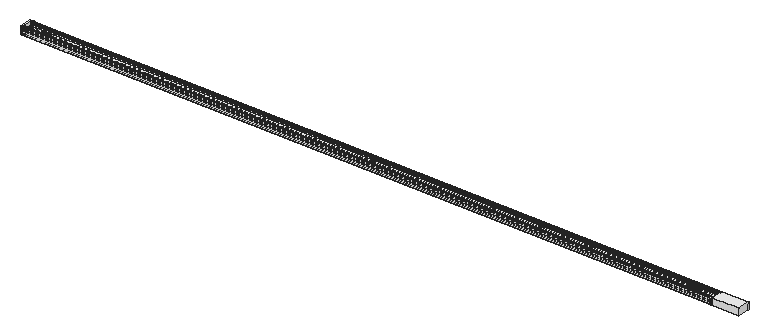
Revit family "SD1020BR_SD1020PTO", category Luminárias, Revit 2023
Family settings
  Hospedeiro = Forro
  Cota do conector redondo = Utilizar diâmetro
  Tipo de parte = Normal
  Número OmniClass = 23.80.70.11
  Título OmniClass = Luminaries for Internal Lighting
  Sempre na vertical = Sim
  Corte com vazios quando carregada = Não
  Fonte luminosa = Não
  Manter orientação da anotação = Não
  Compartilhado = Não
  Ponto de cálculo do ambiente = Não
Parameters (values of type "SD1020BR - BRANCO - 2m")
  URL = "https://stella.com.br/"
  Tensão Elétrica = "127V-220V"
  Referência = "SD1020BR"
  Potência máxima = 1000 W
  Modelo = "Trilho ECO de Sobrepor\r\n\r\nTrilho ECO de Sobrepor\r\nTrace - Trilho de Sobrepor 1m"
  Largura = 0.035 m
  Grau de proteção (IP) = "IP20"
  Fabricante = "Stella"
  Estrutura = Al - Branco
  Elevação padrão = 0.00 m
  Comprimento = 2.00 m
  Altura = 0.021 m
Types (3, lengths in m): name | Referência | Estrutura
  (no name) | "SD1020BR" | Al - Branco
  SD1020BR - BRANCO - 2m | "SD1020BR" | Al - Branco
  SD1020PTO - PRETO - 2m | "SD1020PTO" | Al - Preto
Reference planes (m)
  plane 1 "Eixo de origem da luz (F/T)": y = 0
  plane 2 "Forro": z = 2.5
  plane 3 "Eixo de origem da luz (E/D)": x = 0
  plane 4 "Elevação da origem da luz": z = 2.479
  plane 5: y = 0.0175
  plane 6: y = -0.0175
  plane 7: x = -1
  plane 8: x = 1
  plane 9 "Inferior": z = 2.479
  plane 10 "Superior": z = 2.5
Forms (m)
  Extrusion 1, solid, material "Al - Branco" <- "Estrutura"
    sketch origin (0, 0, 0) x (0, 1, 0) y (0, 0, 1)
      loop
        line (0.012852, 2.4988) -> (0.0162, 2.4988) -> (0.0162, 2.4936) -> (0.0114, 2.4936)
        arc (0.0114, 2.4936) -> (0.01, 2.494805) -> (0.0086, 2.4936) r 0.001416
        line (0.0086, 2.4936) -> (-0.0086, 2.4936)
        arc (-0.0086, 2.4936) -> (-0.01, 2.494805) -> (-0.0114, 2.4936) r 0.001416
        line (-0.0114, 2.4936) -> (-0.0162, 2.4936) -> (-0.0162, 2.4988) -> (-0.012852, 2.4988)
        spline (-0.012852, 2.4988) -> (-0.012795, 2.498814) -> (-0.012742, 2.498854) -> (-0.012697, 2.498917) -> (-0.012662, 2.499) -> (-0.01264, 2.499096) -> (-0.012633, 2.4992) -> (-0.01264, 2.499304) -> (-0.012662, 2.4994) -> (-0.012697, 2.499483) -> (-0.012742, 2.499546) -> (-0.012795, 2.499586) -> (-0.012852, 2.4996)
        line (-0.012852, 2.4996) -> (-0.0162, 2.4996)
        spline (-0.0162, 2.4996) -> (-0.016214, 2.499704) -> (-0.016254, 2.4998) -> (-0.016317, 2.499883) -> (-0.0164, 2.499946) -> (-0.016496, 2.499986) -> (-0.0166, 2.5) -> (-0.016704, 2.499986) -> (-0.0168, 2.499946) -> (-0.016883, 2.499883) -> (-0.016946, 2.4998) -> (-0.016986, 2.499704) -> (-0.017, 2.4996)
        line (-0.017, 2.4996) -> (-0.017, 2.4805) -> (-0.0083, 2.4805)
        arc (-0.0083, 2.4805) -> (-0.007815, 2.480664) -> (-0.007529, 2.481088) r 0.0008
        line (-0.007529, 2.481088) -> (-0.007529, 2.481912)
        arc (-0.007529, 2.481912) -> (-0.007815, 2.482336) -> (-0.0083, 2.4825) r 0.0008
        line (-0.0083, 2.4825) -> (-0.0094, 2.4825)
        arc (-0.0094, 2.4825) -> (-0.009824, 2.482324) -> (-0.01, 2.4819) r 0.0006
        arc (-0.01, 2.4819) -> (-0.010176, 2.481476) -> (-0.0106, 2.4813) r 0.0006
        line (-0.0106, 2.4813) -> (-0.0135, 2.4813) -> (-0.0135, 2.48285)
        spline (-0.0135, 2.48285) -> (-0.013514, 2.482937) -> (-0.013554, 2.483018) -> (-0.013617, 2.483087) -> (-0.0137, 2.483141) -> (-0.013796, 2.483174) -> (-0.0139, 2.483186) -> (-0.014004, 2.483174) -> (-0.0141, 2.483141) -> (-0.014183, 2.483087) -> (-0.014246, 2.483018) -> (-0.014286, 2.482937) -> (-0.0143, 2.48285)
        line (-0.0143, 2.48285) -> (-0.0143, 2.4813) -> (-0.015611, 2.4813)
        arc (-0.015611, 2.4813) -> (-0.016027, 2.481473) -> (-0.0162, 2.481889) r 0.000589
        line (-0.0162, 2.481889) -> (-0.0162, 2.492214)
        arc (-0.0162, 2.492214) -> (-0.016059, 2.492595) -> (-0.015705, 2.492793) r 0.000586
        line (-0.015705, 2.492793) -> (-0.014795, 2.492793)
        arc (-0.014795, 2.492793) -> (-0.014441, 2.492595) -> (-0.0143, 2.492214) r 0.000586
        line (-0.0143, 2.492214) -> (-0.0143, 2.491289)
        spline (-0.0143, 2.491289) -> (-0.014286, 2.491195) -> (-0.014246, 2.491108) -> (-0.014183, 2.491033) -> (-0.0141, 2.490975) -> (-0.014004, 2.490939) -> (-0.0139, 2.490926) -> (-0.013796, 2.490939) -> (-0.0137, 2.490975) -> (-0.013617, 2.491033) -> (-0.013554, 2.491108) -> (-0.013514, 2.491195) -> (-0.0135, 2.491289)
        line (-0.0135, 2.491289) -> (-0.0135, 2.492214)
        arc (-0.0135, 2.492214) -> (-0.013328, 2.492628) -> (-0.012914, 2.4928) r 0.000586
        line (-0.012914, 2.4928) -> (0.012914, 2.4928)
        arc (0.012914, 2.4928) -> (0.013328, 2.492628) -> (0.0135, 2.492214) r 0.000586
        line (0.0135, 2.492214) -> (0.0135, 2.491289)
        spline (0.0135, 2.491289) -> (0.013514, 2.491195) -> (0.013554, 2.491108) -> (0.013617, 2.491033) -> (0.0137, 2.490975) -> (0.013796, 2.490939) -> (0.0139, 2.490926) -> (0.014004, 2.490939) -> (0.0141, 2.490975) -> (0.014183, 2.491033) -> (0.014246, 2.491108) -> (0.014286, 2.491195) -> (0.0143, 2.491289)
        line (0.0143, 2.491289) -> (0.0143, 2.492214)
        arc (0.0143, 2.492214) -> (0.014441, 2.492595) -> (0.014795, 2.492793) r 0.000586
        line (0.014795, 2.492793) -> (0.015705, 2.492793)
        arc (0.015705, 2.492793) -> (0.016059, 2.492595) -> (0.0162, 2.492214) r 0.000586
        line (0.0162, 2.492214) -> (0.0162, 2.481889)
        arc (0.0162, 2.481889) -> (0.016027, 2.481473) -> (0.015611, 2.4813) r 0.000589
        line (0.015611, 2.4813) -> (0.0143, 2.4813) -> (0.0143, 2.48285)
        spline (0.0143, 2.48285) -> (0.014286, 2.482937) -> (0.014246, 2.483018) -> (0.014183, 2.483087) -> (0.0141, 2.483141) -> (0.014004, 2.483174) -> (0.0139, 2.483186) -> (0.013796, 2.483174) -> (0.0137, 2.483141) -> (0.013617, 2.483087) -> (0.013554, 2.483018) -> (0.013514, 2.482937) -> (0.0135, 2.48285)
        line (0.0135, 2.48285) -> (0.0135, 2.4813) -> (0.0106, 2.4813)
        arc (0.0106, 2.4813) -> (0.010176, 2.481476) -> (0.01, 2.4819) r 0.0006
        arc (0.01, 2.4819) -> (0.009824, 2.482324) -> (0.0094, 2.4825) r 0.0006
        line (0.0094, 2.4825) -> (0.0083, 2.4825)
        arc (0.0083, 2.4825) -> (0.007815, 2.482336) -> (0.007529, 2.481912) r 0.0008
        line (0.007529, 2.481912) -> (0.007529, 2.481088)
        arc (0.007529, 2.481088) -> (0.007815, 2.480664) -> (0.0083, 2.4805) r 0.0008
        line (0.0083, 2.4805) -> (0.013227, 2.4805)
        arc (0.013227, 2.4805) -> (0.013632, 2.480332) -> (0.0138, 2.479927) r 0.000573
        line (0.0138, 2.479927) -> (0.0138, 2.479) -> (0.0162, 2.479)
        arc (0.0162, 2.479) -> (0.016766, 2.479234) -> (0.017, 2.4798) r 0.0008
        line (0.017, 2.4798) -> (0.017, 2.4996)
        spline (0.017, 2.4996) -> (0.016986, 2.499704) -> (0.016946, 2.4998) -> (0.016883, 2.499883) -> (0.0168, 2.499946) -> (0.016704, 2.499986) -> (0.0166, 2.5) -> (0.016496, 2.499986) -> (0.0164, 2.499946) -> (0.016317, 2.499883) -> (0.016254, 2.4998) -> (0.016214, 2.499704) -> (0.0162, 2.4996)
        line (0.0162, 2.4996) -> (0.012852, 2.4996)
        spline (0.012852, 2.4996) -> (0.012795, 2.499586) -> (0.012742, 2.499546) -> (0.012697, 2.499483) -> (0.012662, 2.4994) -> (0.01264, 2.499304) -> (0.012633, 2.4992) -> (0.01264, 2.499096) -> (0.012662, 2.499) -> (0.012697, 2.498917) -> (0.012742, 2.498854) -> (0.012795, 2.498814) -> (0.012852, 2.4988)
      loop
        circle (-0.009634, 2.487) r 0.001
      loop
        circle (0.009634, 2.487) r 0.001
    from -0.9945 to 0.9255
  Extrusion 2, solid, material "Al - Branco" <- "Estrutura"
    sketch origin (0, 0, 0) x (0, 1, 0) y (0, 0, 1)
      loop
        line (0.013671, 2.4893) -> (0.0085, 2.4893)
        arc (0.0085, 2.4893) -> (0.007991, 2.48865) -> (0.0085, 2.488) r 0.000669
        line (0.0085, 2.488) -> (0.009865, 2.488)
        spline (0.009865, 2.488) -> (0.010106, 2.487966) -> (0.01033, 2.487866) -> (0.010523, 2.487707) -> (0.010671, 2.4875) -> (0.010763, 2.487259) -> (0.010795, 2.487) -> (0.010763, 2.486741) -> (0.010671, 2.4865) -> (0.010523, 2.486293) -> (0.01033, 2.486134) -> (0.010106, 2.486034) -> (0.009865, 2.486)
        line (0.009865, 2.486) -> (0.0085, 2.486)
        arc (0.0085, 2.486) -> (0.007991, 2.48535) -> (0.0085, 2.4847) r 0.000669
        line (0.0085, 2.4847) -> (0.013671, 2.4847)
        arc (0.013671, 2.4847) -> (0.014166, 2.484495) -> (0.014371, 2.484) r 0.0007
        line (0.014371, 2.484) -> (0.014371, 2.482452)
        spline (0.014371, 2.482452) -> (0.014391, 2.482322) -> (0.014451, 2.482201) -> (0.014546, 2.482097) -> (0.014671, 2.482017) -> (0.014815, 2.481967) -> (0.014971, 2.48195) -> (0.015126, 2.481967) -> (0.015271, 2.482017) -> (0.015395, 2.482097) -> (0.01549, 2.482201) -> (0.01555, 2.482322) -> (0.015571, 2.482452)
        line (0.015571, 2.482452) -> (0.015571, 2.485276)
        arc (0.015571, 2.485276) -> (0.015307, 2.485912) -> (0.014671, 2.486176) r 0.0009
        line (0.014671, 2.486176) -> (0.013147, 2.486176)
        spline (0.013147, 2.486176) -> (0.012968, 2.486207) -> (0.012801, 2.486298) -> (0.012657, 2.486443) -> (0.012547, 2.486632) -> (0.012478, 2.486852) -> (0.012454, 2.487088) -> (0.012478, 2.487324) -> (0.012547, 2.487544) -> (0.012657, 2.487733) -> (0.012801, 2.487878) -> (0.012968, 2.487969) -> (0.013147, 2.488)
        line (0.013147, 2.488) -> (0.014671, 2.488)
        arc (0.014671, 2.488) -> (0.015307, 2.488264) -> (0.015571, 2.4889) r 0.0009
        line (0.015571, 2.4889) -> (0.015571, 2.49148)
        spline (0.015571, 2.49148) -> (0.01555, 2.49161) -> (0.01549, 2.491731) -> (0.015395, 2.491835) -> (0.015271, 2.491914) -> (0.015126, 2.491965) -> (0.014971, 2.491982) -> (0.014815, 2.491965) -> (0.014671, 2.491914) -> (0.014546, 2.491835) -> (0.014451, 2.491731) -> (0.014391, 2.49161) -> (0.014371, 2.49148)
        line (0.014371, 2.49148) -> (0.014371, 2.49)
        arc (0.014371, 2.49) -> (0.014166, 2.489505) -> (0.013671, 2.4893) r 0.0007
      loop
        arc (-0.013671, 2.4893) -> (-0.014166, 2.489505) -> (-0.014371, 2.49) r 0.0007
        line (-0.014371, 2.49) -> (-0.014371, 2.49148)
        spline (-0.014371, 2.49148) -> (-0.014391, 2.49161) -> (-0.014451, 2.491731) -> (-0.014546, 2.491835) -> (-0.014671, 2.491914) -> (-0.014815, 2.491965) -> (-0.014971, 2.491982) -> (-0.015126, 2.491965) -> (-0.015271, 2.491914) -> (-0.015395, 2.491835) -> (-0.01549, 2.491731) -> (-0.01555, 2.49161) -> (-0.015571, 2.49148)
        line (-0.015571, 2.49148) -> (-0.015571, 2.4889)
        arc (-0.015571, 2.4889) -> (-0.015307, 2.488264) -> (-0.014671, 2.488) r 0.0009
        line (-0.014671, 2.488) -> (-0.013147, 2.488)
        spline (-0.013147, 2.488) -> (-0.012968, 2.487969) -> (-0.012801, 2.487878) -> (-0.012657, 2.487733) -> (-0.012547, 2.487544) -> (-0.012478, 2.487324) -> (-0.012454, 2.487088) -> (-0.012478, 2.486852) -> (-0.012547, 2.486632) -> (-0.012657, 2.486443) -> (-0.012801, 2.486298) -> (-0.012968, 2.486207) -> (-0.013147, 2.486176)
        line (-0.013147, 2.486176) -> (-0.014671, 2.486176)
        arc (-0.014671, 2.486176) -> (-0.015307, 2.485912) -> (-0.015571, 2.485276) r 0.0009
        line (-0.015571, 2.485276) -> (-0.015571, 2.482452)
        spline (-0.015571, 2.482452) -> (-0.01555, 2.482322) -> (-0.01549, 2.482201) -> (-0.015395, 2.482097) -> (-0.015271, 2.482017) -> (-0.015126, 2.481967) -> (-0.014971, 2.48195) -> (-0.014815, 2.481967) -> (-0.014671, 2.482017) -> (-0.014546, 2.482097) -> (-0.014451, 2.482201) -> (-0.014391, 2.482322) -> (-0.014371, 2.482452)
        line (-0.014371, 2.482452) -> (-0.014371, 2.484)
        arc (-0.014371, 2.484) -> (-0.014166, 2.484495) -> (-0.013671, 2.4847) r 0.0007
        line (-0.013671, 2.4847) -> (-0.0085, 2.4847)
        arc (-0.0085, 2.4847) -> (-0.007991, 2.48535) -> (-0.0085, 2.486) r 0.000669
        line (-0.0085, 2.486) -> (-0.009865, 2.486)
        spline (-0.009865, 2.486) -> (-0.010106, 2.486034) -> (-0.01033, 2.486134) -> (-0.010523, 2.486293) -> (-0.010671, 2.4865) -> (-0.010763, 2.486741) -> (-0.010795, 2.487) -> (-0.010763, 2.487259) -> (-0.010671, 2.4875) -> (-0.010523, 2.487707) -> (-0.01033, 2.487866) -> (-0.010106, 2.487966) -> (-0.009865, 2.488)
        line (-0.009865, 2.488) -> (-0.0085, 2.488)
        arc (-0.0085, 2.488) -> (-0.007991, 2.48865) -> (-0.0085, 2.4893) r 0.000669
        line (-0.0085, 2.4893) -> (-0.013671, 2.4893)
    from -0.9945 to 0.9255
  Extrusion 3, solid, material "Al - Branco" <- "Estrutura"
    sketch origin (0, 0, 2.479) x (0, -1, 0) y (1, 0, 0)
      loop
        line (-0.017, 0.9985) -> (-0.017, 0.9255) -> (0.017, 0.9255) -> (0.017, 0.9985)
        arc (0.017, 0.9985) -> (0.016707, 0.999207) -> (0.016, 0.9995) r 0.001
        line (0.016, 0.9995) -> (-0.016, 0.9995)
        arc (-0.016, 0.9995) -> (-0.016707, 0.999207) -> (-0.017, 0.9985) r 0.001
    from 0.0015 to 0.021
  Extrusion 4, solid, material "Al - Branco" <- "Estrutura"
    sketch origin (0, -0.000836, 2.479) x (0, -1, 0) y (1, 0, 0)
      loop
        arc (0.002464, 0.8925) -> (0.005293, 0.893672) -> (0.006464, 0.8965) r 0.004
        line (0.006464, 0.8965) -> (0.006464, 0.9255) -> (-0.0073, 0.9255) -> (-0.0073, 0.8965)
        arc (-0.0073, 0.8965) -> (-0.006129, 0.893672) -> (-0.0033, 0.8925) r 0.004
        line (-0.0033, 0.8925) -> (0.002464, 0.8925)
    from 0.0015 to 0.0135
  Extrusion 5, solid, material "Al - Branco" <- "Estrutura"
    sketch origin (0, -0.000836, 2.479) x (0, -1, 0) y (1, 0, 0)
      loop
        arc (-0.0075, 0.894169) -> (-0.00556, 0.892933) -> (-0.0033, 0.8925) r 0.006118
        arc (-0.0033, 0.8925) -> (-0.006129, 0.893672) -> (-0.0073, 0.8965) r 0.004
        line (-0.0073, 0.8965) -> (-0.0073, 0.9255) -> (-0.00872, 0.9255) -> (-0.00872, 0.896786)
        arc (-0.00872, 0.896786) -> (-0.00836, 0.895361) -> (-0.0075, 0.894169) r 0.003914
    from 0.0035 to 0.0057
  Extrusion 6, solid, material "Al - Branco" <- "Estrutura"
    sketch origin (0, 0, 2.479) x (0, -1, 0) y (1, 0, 0)
      loop
        arc (0.0075, 0.894169) -> (0.00836, 0.895361) -> (0.00872, 0.896786) r 0.003914
        line (0.00872, 0.896786) -> (0.00872, 0.9255) -> (0.0073, 0.9255) -> (0.0073, 0.8965)
        arc (0.0073, 0.8965) -> (0.006129, 0.893672) -> (0.0033, 0.8925) r 0.004
        arc (0.0033, 0.8925) -> (0.00556, 0.892933) -> (0.0075, 0.894169) r 0.006118
    from 0.0035 to 0.0057
  Extrusion 7, solid, material "Al - Branco" <- "Estrutura"
    sketch origin (0, 0, 2.484) x (0, -1, 0) y (1, 0, 0)
      loop
        arc (0.0075, 0.894169) -> (0.00836, 0.895361) -> (0.00872, 0.896786) r 0.003914
        line (0.00872, 0.896786) -> (0.00872, 0.9255) -> (0.0073, 0.9255) -> (0.0073, 0.8965)
        arc (0.0073, 0.8965) -> (0.006129, 0.893672) -> (0.0033, 0.8925) r 0.004
        arc (0.0033, 0.8925) -> (0.00556, 0.892933) -> (0.0075, 0.894169) r 0.006118
    from 0.006 to 0.0085
  Extrusion 8, solid, material "Al - Branco" <- "Estrutura"
    sketch origin (0, -0.000836, 2.484) x (0, -1, 0) y (1, 0, 0)
      loop
        arc (-0.0075, 0.894169) -> (-0.00556, 0.892933) -> (-0.0033, 0.8925) r 0.006118
        arc (-0.0033, 0.8925) -> (-0.006129, 0.893672) -> (-0.0073, 0.8965) r 0.004
        line (-0.0073, 0.8965) -> (-0.0073, 0.9255) -> (-0.00872, 0.9255) -> (-0.00872, 0.896786)
        arc (-0.00872, 0.896786) -> (-0.00836, 0.895361) -> (-0.0075, 0.894169) r 0.003914
    from 0.006 to 0.0085
  Extrusion 9, solid, material "Al - Branco" <- "Estrutura"
    sketch origin (0, 0, 2.479) x (0, 1, 0) y (-1, 0, 0)
      loop
        arc (0.017, 0.9985) -> (0.016707, 0.999207) -> (0.016, 0.9995) r 0.001
        line (0.016, 0.9995) -> (-0.016, 0.9995)
        arc (-0.016, 0.9995) -> (-0.016707, 0.999207) -> (-0.017, 0.9985) r 0.001
        line (-0.017, 0.9985) -> (-0.017, 0.9945) -> (0.017, 0.9945) -> (0.017, 0.9985)
    from 0.0015 to 0.021
  Sweep 10, solid, material "Al - Branco" <- "Estrutura"
    path origin (0.000002, -0.000005, 2.479) x (0, -1, 0) y (1, 0, 0)
      loop
        line (-0.011919, -0.9945) -> (-0.011919, -0.972)
        arc (-0.011919, -0.972) -> (-0.011187, -0.970232) -> (-0.009419, -0.9695) r 0.0025
        line (-0.009419, -0.9695) -> (0.009409, -0.9695)
        arc (0.009409, -0.9695) -> (0.011177, -0.970232) -> (0.011909, -0.972) r 0.0025
        line (0.011909, -0.972) -> (0.011909, -0.9945)
    profile origin (-0.983248, 0.011914, 2.479) x (0, 1, 0) y (0, 0, 1)
      loop
        arc (-0.00125, 0.01111) -> (0, 0.01236) -> (-0.00125, 0.01361) r 0.00125
        line (-0.00125, 0.01361) -> (-0.00245, 0.01361) -> (-0.00245, 0.01111) -> (-0.00125, 0.01111)
  Extrusion 11, solid, material "Al - Branco" <- "Estrutura"
    sketch origin (0, 0.05, 0) x (0, 1, 0) y (0, 0, 1)
      loop
        line (-0.040536, 2.49011) -> (-0.040536, 2.49261) -> (-0.059464, 2.49261) -> (-0.059464, 2.49011) -> (-0.040536, 2.49011)
    from -0.9945 to -0.971948
  Extrusion 12, solid, material "Al - Branco" <- "Estrutura"
    sketch origin (0, 0.05, -0.0075) x (0, 1, 0) y (0, 0, 1)
      loop
        line (-0.042504, 2.49011) -> (-0.042504, 2.49261) -> (-0.057466, 2.49261) -> (-0.057466, 2.49011) -> (-0.042504, 2.49011)
    from -0.9945 to -0.98295
  Sweep 13, solid, material "Al - Branco" <- "Estrutura"
    path origin (0.000002, -0.000005, 2.4715) x (0, -1, 0) y (1, 0, 0)
      loop
        line (-0.009951, -0.994502) -> (-0.009951, -0.983002)
        arc (-0.009951, -0.983002) -> (-0.009219, -0.981234) -> (-0.007451, -0.980502) r 0.0025
        line (-0.007451, -0.980502) -> (0.00741, -0.980502)
        arc (0.00741, -0.980502) -> (0.009178, -0.981234) -> (0.00991, -0.983002) r 0.0025
        line (0.00991, -0.983002) -> (0.00991, -0.994502)
    profile origin (-0.98875, 0.009946, 2.4715) x (0, 1, 0) y (0, 0, 1)
      loop
        arc (-0.00125, 0.01111) -> (0, 0.01236) -> (-0.00125, 0.01361) r 0.00125
        line (-0.00125, 0.01361) -> (-0.00245, 0.01361) -> (-0.00245, 0.01111) -> (-0.00125, 0.01111)
  Extrusion 14, void
    sketch origin (0, 0, 2.479) x (0, -1, 0) y (1, 0, 0)
      loop
        arc (0.002008, -0.927807) -> (-0.000242, -0.9205) -> (-0.002492, -0.927807) r 0.004
        line (-0.002492, -0.927807) -> (-0.002492, -0.9495)
        arc (-0.002492, -0.9495) -> (-0.001833, -0.951091) -> (-0.000242, -0.95175) r 0.00225
        arc (-0.000242, -0.95175) -> (0.001349, -0.951091) -> (0.002008, -0.9495) r 0.00225
        line (0.002008, -0.9495) -> (0.002008, -0.927807)
      loop
        arc (-0.000242, 0.8515) -> (0.003581, 0.854323) -> (0.002008, 0.858807) r 0.004
        line (0.002008, 0.858807) -> (0.002008, 0.8805)
        arc (0.002008, 0.8805) -> (-0.000242, 0.88275) -> (-0.002492, 0.8805) r 0.00225
        line (-0.002492, 0.8805) -> (-0.002492, 0.858807)
        arc (-0.002492, 0.858807) -> (-0.004065, 0.854323) -> (-0.000242, 0.8515) r 0.004
      loop
        arc (-0.0028, -0.0385) -> (-0.0003, -0.041) -> (0.0022, -0.0385) r 0.0025
        line (0.0022, -0.0385) -> (0.0022, -0.030477)
        arc (0.0022, -0.030477) -> (-0.0003, -0.027977) -> (-0.0028, -0.030477) r 0.0025
        line (-0.0028, -0.030477) -> (-0.0028, -0.0385)
    from 0.013793 to 0.021
Cuts and joins
  joined: Extrusion 3, Extrusion 4, Extrusion 5, Extrusion 6, Extrusion 7, Extrusion 8
  joined: Extrusion 9, Sweep 10, Extrusion 11, Extrusion 12, Sweep 13
  Extrusion 14 cuts Extrusion 1
Dimensions and locks (m)
  equal spacing: host sketch curve, plane 3 "Eixo de origem da luz (E/D)", host sketch curve
  equal spacing: host sketch curve, plane 1 "Eixo de origem da luz (F/T)", host sketch curve
  host sketch curve to host sketch curve = 2.01 m
  host sketch curve to host sketch curve = 0.045 m
  "Comprimento": plane 7 to plane 8
  "Largura": plane 5 to plane 6
  "Altura": plane 10 "Superior" to plane 9 "Inferior"
Automatic sketch dimensions
  Extrusion 1 sketch curve to Extrusion 1 sketch curve = 0.00 m  (x10)
  plane 4 "Elevação da origem da luz" to Extrusion 1 sketch curve = 0.00 m
  plane 6 to Extrusion 1 sketch curve = 0.0005 m
  plane 6 to Extrusion 1 sketch curve = 0.0013 m  (x2)
  Extrusion 1 sketch curve to Extrusion 1 sketch curve = 0.0008 m  (x7)
  Extrusion 1 sketch curve to Extrusion 1 sketch curve = 0.000495 m  (x2)
  Extrusion 1 sketch curve to Extrusion 1 sketch curve = 0.000091 m  (x3)
  Extrusion 1 sketch curve to Extrusion 1 sketch curve = 0.000589 m
  Extrusion 1 sketch curve to Extrusion 1 sketch curve = 0.000728 m  (x2)
  Extrusion 1 sketch curve to Extrusion 1 sketch curve = 0.000586 m  (x5)
  Extrusion 1 sketch curve to Extrusion 1 sketch curve = 0.001311 m  (x2)
  Extrusion 1 sketch curve to plane 2 "Forro" = 0.0012 m
  Extrusion 1 sketch curve to Extrusion 1 sketch curve = 0.003348 m
  Extrusion 1 sketch curve to Extrusion 1 sketch curve = 0.001514 m  (x2)
  Extrusion 1 sketch curve to Extrusion 1 sketch curve = 0.0029 m
  Extrusion 1 sketch curve to Extrusion 1 sketch curve = 0.0014 m  (x4)
  Extrusion 1 sketch curve to Extrusion 1 sketch curve = 0.000966 m
  Extrusion 1 sketch curve to Extrusion 1 sketch curve = 0.0012 m  (x2)
  Extrusion 1 sketch curve to Extrusion 1 sketch curve = 0.0011 m  (x3)
  Extrusion 1 sketch curve to Extrusion 1 sketch curve = 0.000771 m  (x2)
  Extrusion 1 sketch curve to plane 4 "Elevação da origem da luz" = 0.002088 m
  Extrusion 1 sketch curve to plane 1 "Eixo de origem da luz (F/T)" = 0.007529 m
  Extrusion 1 sketch curve to plane 1 "Eixo de origem da luz (F/T)" = 0.0086 m
  Extrusion 1 sketch curve to Extrusion 1 sketch curve = 0.000234 m
  Extrusion 1 sketch curve to plane 2 "Forro" = 0.0004 m  (x2)
  Extrusion 1 sketch curve to plane 5 = 0.004648 m
  Extrusion 1 sketch curve to plane 4 "Elevação da origem da luz" = 0.000927 m
  Extrusion 1 sketch curve to Extrusion 1 sketch curve = 0.002627 m
  Extrusion 1 sketch curve to Extrusion 1 sketch curve = 0.000273 m
  Extrusion 1 sketch curve to Extrusion 1 sketch curve = 0.000573 m
  Extrusion 1 sketch curve to plane 5 = 0.0013 m  (x2)
  Extrusion 1 sketch curve to plane 5 = 0.0005 m
  Extrusion 1 sketch curve to plane 4 "Elevação da origem da luz" = 0.0015 m
  Extrusion 1 sketch curve to Extrusion 1 sketch curve = 0.000588 m
  Extrusion 1 sketch curve to plane 4 "Elevação da origem da luz" = 0.0023 m
  Extrusion 1 sketch curve to Extrusion 1 sketch curve = 0.0004 m  (x2)
  Extrusion 1 sketch curve to Extrusion 1 sketch curve = 0.0006 m
  Extrusion 1 sketch curve to Extrusion 1 sketch curve = 0.0002 m
  Extrusion 1 sketch curve to Extrusion 1 sketch curve = 0.000212 m  (x2)
  Extrusion 1 sketch curve to Extrusion 1 sketch curve = 0.00155 m  (x2)
  Extrusion 1 sketch curve to Extrusion 1 sketch curve = 0.0045 m  (x2)
  Extrusion 1 sketch curve to Extrusion 1 sketch curve = 0.004289 m  (x2)
  Extrusion 1 sketch curve to Extrusion 1 sketch curve = 0.000925 m  (x2)
  Extrusion 1 sketch curve to Extrusion 1 sketch curve = 0.00059 m  (x2)
  Extrusion 1 sketch curve to Extrusion 1 sketch curve = 0.000807 m
  Extrusion 1 sketch curve to Extrusion 1 sketch curve = 0.001 m  (x2)
  plane 6 to Extrusion 2 sketch curve = 0.001929 m  (x2)
  Extrusion 2 sketch curve to Extrusion 2 sketch curve = 0.0009 m  (x3)
  Extrusion 2 sketch curve to Extrusion 2 sketch curve = 0.0012 m  (x3)
  Extrusion 2 sketch curve to Extrusion 2 sketch curve = 0.0007 m  (x4)
  Extrusion 2 sketch curve to Extrusion 2 sketch curve = 0.001524 m  (x2)
  Extrusion 2 sketch curve to Extrusion 2 sketch curve = 0.003282 m  (x2)
  Extrusion 2 sketch curve to Extrusion 2 sketch curve = 0.001205 m  (x2)
  Extrusion 2 sketch curve to Extrusion 2 sketch curve = 0.00016 m  (x6)
  Extrusion 2 sketch curve to plane 1 "Eixo de origem da luz (F/T)" = 0.0085 m
  Extrusion 2 sketch curve to Extrusion 2 sketch curve = 0.00 m  (x3)
  Extrusion 2 sketch curve to Extrusion 2 sketch curve = 0.001365 m
  Extrusion 2 sketch curve to Extrusion 2 sketch curve = 0.000524 m  (x2)
  Extrusion 2 sketch curve to Extrusion 2 sketch curve = 0.001 m
  Extrusion 2 sketch curve to plane 4 "Elevação da origem da luz" = 0.003452 m  (x2)
  Extrusion 2 sketch curve to Extrusion 2 sketch curve = 0.001548 m  (x2)
  Extrusion 2 sketch curve to Extrusion 2 sketch curve = 0.001276 m  (x2)
  Extrusion 2 sketch curve to Extrusion 2 sketch curve = 0.00065 m  (x4)
  Extrusion 2 sketch curve to Extrusion 2 sketch curve = 0.002 m  (x2)
  Extrusion 2 sketch curve to Extrusion 2 sketch curve = 0.001824 m  (x2)
  Extrusion 2 sketch curve to Extrusion 2 sketch curve = 0.00148 m  (x2)
  Extrusion 3 sketch curve to plane 5 = 0.0005 m
  Extrusion 3 sketch curve to plane 8 = 0.0005 m
  Extrusion 3 sketch curve to Extrusion 3 sketch curve = 0.001 m
  plane 6 to Extrusion 3 sketch curve = 0.0015 m
  plane 6 to Extrusion 3 sketch curve = 0.0005 m
  Extrusion 3 sketch curve to Extrusion 3 sketch curve = 0.073 m
  Extrusion 4 sketch curve to plane 1 "Eixo de origem da luz (F/T)" = 0.006464 m
  Extrusion 4 sketch curve to plane 1 "Eixo de origem da luz (F/T)" = 0.002464 m
  plane 1 "Eixo de origem da luz (F/T)" to Extrusion 4 sketch curve = 0.0033 m
  Extrusion 4 sketch curve to Extrusion 4 sketch curve = 0.004 m
  Extrusion 4 sketch curve to plane 8 = 0.1075 m
  Extrusion 4 sketch curve to Extrusion 4 sketch curve = 0.029 m
  Extrusion 5 sketch curve to plane 1 "Eixo de origem da luz (F/T)" = 0.007884 m
  Extrusion 5 sketch curve to Extrusion 5 sketch curve = 0.00142 m
  Extrusion 5 sketch curve to Extrusion 5 sketch curve = 0.002487 m
  Extrusion 5 sketch curve to Extrusion 5 sketch curve = 0.001513 m
  Extrusion 5 sketch curve to plane 8 = 0.1035 m
  Extrusion 5 sketch curve to Extrusion 5 sketch curve = 0.000286 m
  Extrusion 5 sketch curve to Extrusion 5 sketch curve = 0.000515 m
  Extrusion 5 sketch curve to Extrusion 5 sketch curve = 0.002118 m
  Extrusion 5 sketch curve to Extrusion 5 sketch curve = 0.026882 m
  Extrusion 5 sketch curve to Extrusion 5 sketch curve = 0.00 m
  plane 1 "Eixo de origem da luz (F/T)" to Extrusion 6 sketch curve = 0.0033 m
  Extrusion 6 sketch curve to Extrusion 6 sketch curve = 0.001513 m
  Extrusion 6 sketch curve to Extrusion 6 sketch curve = 0.002487 m
  Extrusion 6 sketch curve to Extrusion 6 sketch curve = 0.00142 m
  Extrusion 6 sketch curve to plane 8 = 0.1035 m
  Extrusion 6 sketch curve to Extrusion 6 sketch curve = 0.000286 m
  Extrusion 6 sketch curve to Extrusion 6 sketch curve = 0.000515 m
  Extrusion 6 sketch curve to Extrusion 6 sketch curve = 0.002118 m
  Extrusion 6 sketch curve to Extrusion 6 sketch curve = 0.026882 m
  Extrusion 6 sketch curve to Extrusion 6 sketch curve = 0.00 m
  plane 1 "Eixo de origem da luz (F/T)" to Extrusion 7 sketch curve = 0.0033 m
  Extrusion 7 sketch curve to Extrusion 7 sketch curve = 0.001513 m
  Extrusion 7 sketch curve to Extrusion 7 sketch curve = 0.002487 m
  Extrusion 7 sketch curve to Extrusion 7 sketch curve = 0.00142 m
  Extrusion 7 sketch curve to plane 8 = 0.1035 m
  Extrusion 7 sketch curve to Extrusion 7 sketch curve = 0.000286 m
  Extrusion 7 sketch curve to Extrusion 7 sketch curve = 0.000515 m
  Extrusion 7 sketch curve to Extrusion 7 sketch curve = 0.002118 m
  Extrusion 7 sketch curve to Extrusion 7 sketch curve = 0.026882 m
  Extrusion 7 sketch curve to Extrusion 7 sketch curve = 0.00 m
  Extrusion 8 sketch curve to plane 1 "Eixo de origem da luz (F/T)" = 0.007884 m
  Extrusion 8 sketch curve to Extrusion 8 sketch curve = 0.00142 m
  Extrusion 8 sketch curve to Extrusion 8 sketch curve = 0.002487 m
  Extrusion 8 sketch curve to Extrusion 8 sketch curve = 0.001513 m
  Extrusion 8 sketch curve to plane 8 = 0.1035 m
  Extrusion 8 sketch curve to Extrusion 8 sketch curve = 0.000286 m
  Extrusion 8 sketch curve to Extrusion 8 sketch curve = 0.000515 m
  Extrusion 8 sketch curve to Extrusion 8 sketch curve = 0.002118 m
  Extrusion 8 sketch curve to Extrusion 8 sketch curve = 0.026882 m
  Extrusion 8 sketch curve to Extrusion 8 sketch curve = 0.00 m
  plane 6 to Extrusion 9 sketch curve = 0.0005 m
  plane 7 to Extrusion 9 sketch curve = 0.0005 m
  Extrusion 9 sketch curve to Extrusion 9 sketch curve = 0.001 m
  Extrusion 9 sketch curve to plane 5 = 0.0015 m
  Extrusion 9 sketch curve to plane 5 = 0.0005 m
  Extrusion 9 sketch curve to Extrusion 9 sketch curve = 0.004 m
  Sweep 10 sketch curve to plane 5 = 0.005586 m
  Sweep 10 sketch curve to Sweep 10 sketch curve = 0.0025 m  (x2)
  plane 6 to Sweep 10 sketch curve = 0.008086 m
  plane 7 to Sweep 10 sketch curve = 0.028002 m
  plane 7 to Sweep 10 sketch curve = 0.005502 m  (x2)
  profile plane to Sweep 10 sketch curve = 0.00245 m
  Sweep 10 sketch curve to Sweep 10 sketch curve = 0.0012 m
  Sweep 10 sketch curve to plane 4 "Elevação da origem da luz" = 0.01111 m
  Sweep 10 sketch curve to Sweep 10 sketch curve = 0.00125 m
  plane 6 to Extrusion 11 sketch curve = 0.008036 m
  Extrusion 11 sketch curve to plane 5 = 0.008036 m
  Extrusion 11 sketch curve to plane 2 "Forro" = 0.00989 m
  Extrusion 11 sketch curve to Extrusion 11 sketch curve = 0.0025 m
  Extrusion 12 sketch curve to plane 4 "Elevação da origem da luz" = 0.00361 m
  plane 1 "Eixo de origem da luz (F/T)" to Extrusion 12 sketch curve = 0.007466 m
  Extrusion 12 sketch curve to plane 1 "Eixo de origem da luz (F/T)" = 0.007496 m
  Extrusion 12 sketch curve to Extrusion 12 sketch curve = 0.0025 m
  Sweep 13 sketch curve to plane 5 = 0.007554 m
  Sweep 13 sketch curve to Sweep 13 sketch curve = 0.0025 m  (x2)
  plane 1 "Eixo de origem da luz (F/T)" to Sweep 13 sketch curve = 0.007416 m
  plane 7 to Sweep 13 sketch curve = 0.017 m
  plane 7 to Sweep 13 sketch curve = 0.0055 m  (x2)
  profile plane to Sweep 13 sketch curve = 0.00245 m
  Sweep 13 sketch curve to Sweep 13 sketch curve = 0.0012 m
  profile plane to Sweep 13 sketch curve = 0.01111 m
  Sweep 13 sketch curve to Sweep 13 sketch curve = 0.00125 m
  Extrusion 14 sketch curve to Extrusion 14 sketch curve = 0.00 m  (x2)
  Extrusion 14 sketch curve to plane 1 "Eixo de origem da luz (F/T)" = 0.0028 m
  Extrusion 14 sketch curve to plane 1 "Eixo de origem da luz (F/T)" = 0.002492 m  (x2)
  Extrusion 14 sketch curve to plane 1 "Eixo de origem da luz (F/T)" = 0.0003 m
  Extrusion 14 sketch curve to plane 1 "Eixo de origem da luz (F/T)" = 0.000242 m  (x4)
  plane 7 to Extrusion 14 sketch curve = 0.0505 m
  Extrusion 14 sketch curve to Extrusion 14 sketch curve = 0.021693 m  (x2)
  Extrusion 14 sketch curve to Extrusion 14 sketch curve = 0.003307 m  (x2)
  Extrusion 14 sketch curve to plane 3 "Eixo de origem da luz (E/D)" = 0.0385 m
  Extrusion 14 sketch curve to Extrusion 14 sketch curve = 0.008023 m
  Extrusion 14 sketch curve to plane 8 = 0.1445 m
Connectors (m)
  electrical at (0, 0, 2.5)
    settings: index 1, voltage 0 V, apparent load 0 VA, apparent load phase1 0 VA, apparent load phase2 0 VA, apparent load phase3 0 VA, power factor 1, load classification "Outro", number of poles 1, system type 31, power factor state 1, is connector primary yes, connector utility no, sub classification motor no, connector description ""
